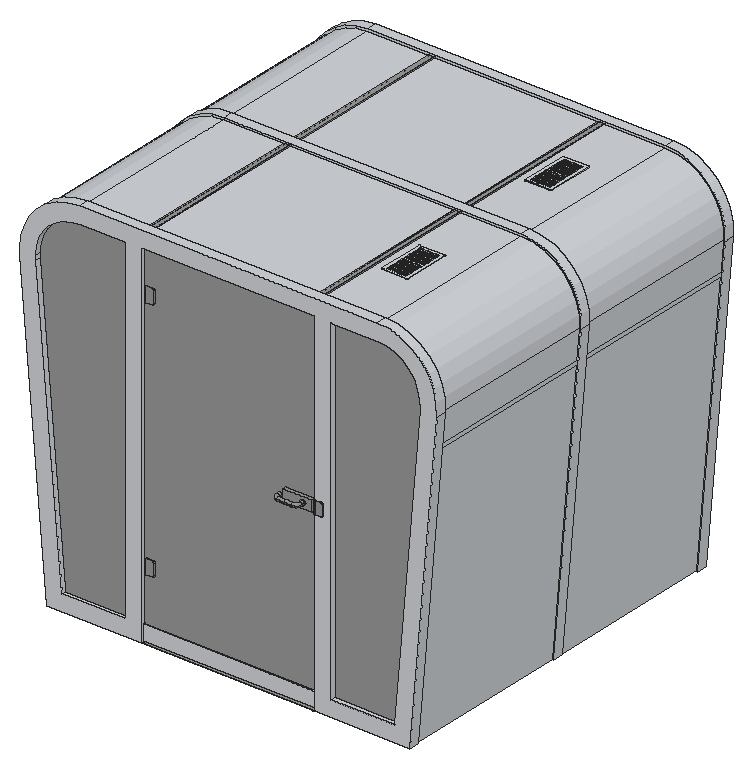
Revit family "Retreat 2.2 - Glass Back", category Generic Models, host Floor, Revit 2020
Family settings
  Host = Floor
  Can host rebar = No
  Round Connector Dimension = Use Diameter
  Part Type = Normal
  Always vertical = Yes
  Cut with Voids When Loaded = No
  Shared = No
  Room Calculation Point = No
Parameters
  Default Elevation = 0 mm
Reference planes
  plane 1 "Center (Front/Back)": y = 0
  plane 2: z = 0
  plane 3 "Center (Left/Right)": x = 3.294
Forms (mm)
  Extrusion 1, solid
    sketch origin (0, 0, 0) x (1, 0, 0) y (0, 0, 1)
      loop
        line (-994.283, 0) -> (-1135.633, 1615.634) -> (-1187.435, 1611.102) -> (-1046.482, 0) -> (-994.283, 0)
      loop
        line (-1136.069, 1620.615) -> (-1152.093, 1803.768)
        arc (-1152.093, 1803.768) -> (-1152.883, 1815.827) -> (-1153.147, 1827.91) r 277
        arc (-1153.147, 1827.91) -> (-1072.015, 2023.779) -> (-876.147, 2104.91) r 277
        line (-876.147, 2104.91) -> (-511.874, 2104.91) -> (-511.874, 2156.91) -> (-876.147, 2156.91)
        arc (-876.147, 2156.91) -> (-1108.785, 2060.548) -> (-1205.147, 1827.91) r 329
        arc (-1205.147, 1827.91) -> (-1204.834, 1813.559) -> (-1203.895, 1799.236) r 329
        line (-1203.895, 1799.236) -> (-1187.871, 1616.083) -> (-1136.069, 1620.615)
      loop
        line (-486.874, 2104.91) -> (488.126, 2104.91) -> (488.126, 2156.91) -> (-486.874, 2156.91) -> (-486.874, 2104.91)
      loop
        line (513.126, 2104.91) -> (877.399, 2104.91)
        arc (877.399, 2104.91) -> (1081.624, 2015.048) -> (1153.345, 1803.768) r 277
        line (1153.345, 1803.768) -> (1137.321, 1620.615) -> (1189.123, 1616.083) -> (1205.147, 1799.236)
        arc (1205.147, 1799.236) -> (1119.963, 2050.179) -> (877.399, 2156.91) r 329
        line (877.399, 2156.91) -> (513.126, 2156.91) -> (513.126, 2104.91)
      loop
        line (1136.885, 1615.634) -> (995.535, 0) -> (1047.734, 0) -> (1188.687, 1611.102) -> (1136.885, 1615.634)
    from -1030 to -30
  Extrusion 2, solid
    sketch origin (0, 0, 0) x (1, 0, 0) y (0, 0, 1)
      loop
        line (-985.249, 0) -> (-1126.667, 1616.419) -> (-1135.633, 1615.634) -> (-994.283, 0) -> (-985.249, 0)
      loop
        line (-1127.103, 1621.4) -> (-1143.127, 1804.552)
        arc (-1143.127, 1804.552) -> (-1143.892, 1816.22) -> (-1144.147, 1827.91) r 268
        arc (-1144.147, 1827.91) -> (-1065.651, 2017.415) -> (-876.147, 2095.91) r 268
        line (-876.147, 2095.91) -> (-511.874, 2095.91) -> (-511.874, 2104.91) -> (-876.147, 2104.91)
        arc (-876.147, 2104.91) -> (-1072.015, 2023.779) -> (-1153.147, 1827.91) r 277
        arc (-1153.147, 1827.91) -> (-1152.883, 1815.827) -> (-1152.093, 1803.768) r 277
        line (-1152.093, 1803.768) -> (-1136.069, 1620.615) -> (-1127.103, 1621.4)
      loop
        line (-486.874, 2095.91) -> (488.126, 2095.91) -> (488.126, 2104.91) -> (-486.874, 2104.91) -> (-486.874, 2095.91)
      loop
        line (513.126, 2095.91) -> (877.399, 2095.91)
        arc (877.399, 2095.91) -> (1074.989, 2008.968) -> (1144.379, 1804.552) r 268
        line (1144.379, 1804.552) -> (1128.355, 1621.4) -> (1137.321, 1620.615) -> (1153.345, 1803.768)
        arc (1153.345, 1803.768) -> (1081.624, 2015.048) -> (877.399, 2104.91) r 277
        line (877.399, 2104.91) -> (513.126, 2104.91) -> (513.126, 2095.91)
      loop
        line (1127.919, 1616.419) -> (986.501, 0) -> (995.535, 0) -> (1136.885, 1615.634) -> (1127.919, 1616.419)
    from -1030 to -30
  Extrusion 3, solid
    sketch origin (0, 0, 0) x (1, 0, 0) y (0, 0, 1)
      loop
        line (-1046.482, 0) -> (-1187.435, 1611.102) -> (-1196.401, 1610.318) -> (-1055.516, 0) -> (-1046.482, 0)
      loop
        line (-1187.871, 1616.083) -> (-1203.895, 1799.236)
        arc (-1203.895, 1799.236) -> (-1204.834, 1813.559) -> (-1205.147, 1827.91) r 329
        arc (-1205.147, 1827.91) -> (-1108.785, 2060.548) -> (-876.147, 2156.91) r 329
        line (-876.147, 2156.91) -> (-511.874, 2156.91) -> (-511.874, 2165.91) -> (-876.147, 2165.91)
        arc (-876.147, 2165.91) -> (-1115.149, 2066.912) -> (-1214.147, 1827.91) r 338
        arc (-1214.147, 1827.91) -> (-1213.825, 1813.167) -> (-1212.86, 1798.451) r 338
        line (-1212.86, 1798.451) -> (-1196.837, 1615.299) -> (-1187.871, 1616.083)
      loop
        line (-486.874, 2156.91) -> (488.126, 2156.91) -> (488.126, 2165.91) -> (-486.874, 2165.91) -> (-486.874, 2156.91)
      loop
        line (513.126, 2156.91) -> (877.399, 2156.91)
        arc (877.399, 2156.91) -> (1119.963, 2050.179) -> (1205.147, 1799.236) r 329
        line (1205.147, 1799.236) -> (1189.123, 1616.083) -> (1198.089, 1615.299) -> (1214.112, 1798.451)
        arc (1214.112, 1798.451) -> (1126.598, 2056.259) -> (877.399, 2165.91) r 338
        line (877.399, 2165.91) -> (513.126, 2165.91) -> (513.126, 2156.91)
      loop
        line (1188.687, 1611.102) -> (1047.734, 0) -> (1056.768, 0) -> (1197.653, 1610.318) -> (1188.687, 1611.102)
    from -1030 to -30
  Extrusion 4, solid
    sketch origin (0, 0, 0) x (1, 0, 0) y (0, 0, 1)
      loop
        line (-1055.516, 0) -> (-1196.401, 1610.318) -> (-1198.393, 1610.144) -> (-1057.524, 0) -> (-1055.516, 0)
      loop
        line (-1196.837, 1615.299) -> (-1212.86, 1798.451)
        arc (-1212.86, 1798.451) -> (-1213.825, 1813.167) -> (-1214.147, 1827.91) r 338
        arc (-1214.147, 1827.91) -> (-1115.149, 2066.912) -> (-876.147, 2165.91) r 338
        line (-876.147, 2165.91) -> (-511.874, 2165.91) -> (-511.874, 2167.91) -> (-876.147, 2167.91)
        arc (-876.147, 2167.91) -> (-1116.563, 2068.326) -> (-1216.147, 1827.91) r 340
        arc (-1216.147, 1827.91) -> (-1215.823, 1813.079) -> (-1214.853, 1798.277) r 340
        line (-1214.853, 1798.277) -> (-1198.829, 1615.125) -> (-1196.837, 1615.299)
      loop
        line (-486.874, 2165.91) -> (488.126, 2165.91) -> (488.126, 2167.91) -> (-486.874, 2167.91) -> (-486.874, 2165.91)
      loop
        line (513.126, 2167.91) -> (513.126, 2165.91) -> (877.399, 2165.91)
        arc (877.399, 2165.91) -> (1126.598, 2056.259) -> (1214.112, 1798.451) r 338
        line (1214.112, 1798.451) -> (1198.089, 1615.299) -> (1200.081, 1615.125) -> (1216.105, 1798.277)
        arc (1216.105, 1798.277) -> (1128.073, 2057.611) -> (877.399, 2167.91) r 340
        line (877.399, 2167.91) -> (513.126, 2167.91)
      loop
        line (1197.653, 1610.318) -> (1056.768, 0) -> (1058.776, 0) -> (1199.645, 1610.144) -> (1197.653, 1610.318)
    from -1030 to -30
  Extrusion 5, solid
    sketch origin (0, 0, 0) x (1, 0, 0) y (0, 0, 1)
      loop
        line (-510, 0) -> (-510, 2083) -> (510, 2083) -> (510, 0) -> (1068, 0) -> (1225.26, 1797.495)
        arc (1225.26, 1797.495) -> (1134.639, 2064.457) -> (876.592, 2178) r 350
        line (876.592, 2178) -> (-876.592, 2178)
        arc (-876.592, 2178) -> (-1124.08, 2075.487) -> (-1226.592, 1828) r 350
        arc (-1226.592, 1828) -> (-1226.259, 1812.733) -> (-1225.26, 1797.495) r 350
        line (-1225.26, 1797.495) -> (-1068, 0) -> (-510, 0)
      loop
        line (-605, 95) -> (-605, 2083) -> (-876.592, 2083)
        arc (-876.592, 2083) -> (-1056.905, 2008.312) -> (-1131.592, 1828) r 255
        arc (-1131.592, 1828) -> (-1131.35, 1816.877) -> (-1130.622, 1805.775) r 255
        line (-1130.622, 1805.775) -> (-980.949, 95) -> (-605, 95)
      loop
        line (605, 95) -> (980.949, 95) -> (1130.622, 1805.775)
        arc (1130.622, 1805.775) -> (1064.598, 2000.276) -> (876.592, 2083) r 255
        line (876.592, 2083) -> (605, 2083) -> (605, 95)
    from 1030 to 1090
  Extrusion 6, solid
    sketch origin (0, 0, 0) x (1, 0, 0) y (0, 0, 1)
      loop
        line (-488, 0) -> (-488, 2061) -> (488, 2061) -> (488, 0) -> (510, 0) -> (510, 2083) -> (-510, 2083) -> (-510, 0) -> (-488, 0)
    from 1030 to 1050
  Extrusion 7, solid
    sketch origin (0, 0, 0) x (1, 0, 0) y (0, 0, 1)
      loop
        line (-1068, 0) -> (1068, 0) -> (1225.26, 1797.495)
        arc (1225.26, 1797.495) -> (1134.639, 2064.457) -> (876.592, 2178) r 350
        line (876.592, 2178) -> (-876.592, 2178)
        arc (-876.592, 2178) -> (-1124.08, 2075.487) -> (-1226.592, 1828) r 350
        arc (-1226.592, 1828) -> (-1226.259, 1812.733) -> (-1225.26, 1797.495) r 350
        line (-1225.26, 1797.495) -> (-1068, 0)
      loop
        line (-980.949, 95) -> (-572.5, 95) -> (-572.5, 2083) -> (-876.592, 2083)
        arc (-876.592, 2083) -> (-1056.905, 2008.312) -> (-1131.592, 1828) r 255
        arc (-1131.592, 1828) -> (-1131.35, 1816.877) -> (-1130.622, 1805.775) r 255
        line (-1130.622, 1805.775) -> (-980.949, 95)
      loop
        line (-427.5, 95) -> (427.5, 95) -> (427.5, 2083) -> (-427.5, 2083) -> (-427.5, 95)
      loop
        line (572.5, 95) -> (980.949, 95) -> (1130.622, 1805.775)
        arc (1130.622, 1805.775) -> (1064.598, 2000.276) -> (876.592, 2083) r 255
        line (876.592, 2083) -> (572.5, 2083) -> (572.5, 95)
    from -1090 to -1030
  Extrusion 8, solid
    sketch origin (0, 0, 0) x (1, 0, 0) y (0, 0, 1)
      loop
        line (505, 98.5) -> (-505, 98.5) -> (-505, 10.5) -> (505, 10.5) -> (505, 98.5)
    from 1071.5 to 1080.5
  Extrusion 9, solid
    sketch origin (0, 0, 0) x (1, 0, 0) y (0, 0, 1)
      loop
        line (484, 98.5) -> (-484, 98.5) -> (-484, 10.5) -> (484, 10.5) -> (484, 98.5)
    from 1033.5 to 1063.5
  Extrusion 10, solid
    sketch origin (782.264, -533.1, 0) x (1, 0, 0) y (0, 1, 0)
      loop
        line (-66.5, 143) -> (-212.5, 143)
        arc (-212.5, 143) -> (-216.036, 141.536) -> (-217.5, 138) r 5
        line (-217.5, 138) -> (-217.5, -134.9)
        arc (-217.5, -134.9) -> (-216.036, -138.436) -> (-212.5, -139.9) r 5
        line (-212.5, -139.9) -> (-66.5, -139.9)
        arc (-66.5, -139.9) -> (-62.964, -138.436) -> (-61.5, -134.9) r 5
        line (-61.5, -134.9) -> (-61.5, 138)
        arc (-61.5, 138) -> (-62.964, 141.536) -> (-66.5, 143) r 5
      loop
        line (-196.5, -90) -> (-196.5, -120)
        arc (-196.5, -120) -> (-195.914, -121.414) -> (-194.5, -122) r 2
        arc (-194.5, -122) -> (-193.086, -121.414) -> (-192.5, -120) r 2
        line (-192.5, -120) -> (-192.5, -90)
        arc (-192.5, -90) -> (-194.5, -88) -> (-196.5, -90) r 2
      loop
        line (-185.5, -90) -> (-185.5, -120)
        arc (-185.5, -120) -> (-184.914, -121.414) -> (-183.5, -122) r 2
        arc (-183.5, -122) -> (-182.086, -121.414) -> (-181.5, -120) r 2
        line (-181.5, -120) -> (-181.5, -90)
        arc (-181.5, -90) -> (-183.5, -88) -> (-185.5, -90) r 2
      loop
        line (-174.5, -90) -> (-174.5, -120)
        arc (-174.5, -120) -> (-173.914, -121.414) -> (-172.5, -122) r 2
        arc (-172.5, -122) -> (-171.086, -121.414) -> (-170.5, -120) r 2
        line (-170.5, -120) -> (-170.5, -90)
        arc (-170.5, -90) -> (-172.5, -88) -> (-174.5, -90) r 2
      loop
        line (-163.5, -90) -> (-163.5, -120)
        arc (-163.5, -120) -> (-162.914, -121.414) -> (-161.5, -122) r 2
        arc (-161.5, -122) -> (-160.086, -121.414) -> (-159.5, -120) r 2
        line (-159.5, -120) -> (-159.5, -90)
        arc (-159.5, -90) -> (-161.5, -88) -> (-163.5, -90) r 2
      loop
        line (-152.5, -90) -> (-152.5, -120)
        arc (-152.5, -120) -> (-151.914, -121.414) -> (-150.5, -122) r 2
        arc (-150.5, -122) -> (-149.086, -121.414) -> (-148.5, -120) r 2
        line (-148.5, -120) -> (-148.5, -90)
        arc (-148.5, -90) -> (-150.5, -88) -> (-152.5, -90) r 2
      loop
        line (-141.5, -90) -> (-141.5, -120)
        arc (-141.5, -120) -> (-140.914, -121.414) -> (-139.5, -122) r 2
        arc (-139.5, -122) -> (-138.086, -121.414) -> (-137.5, -120) r 2
        line (-137.5, -120) -> (-137.5, -90)
        arc (-137.5, -90) -> (-139.5, -88) -> (-141.5, -90) r 2
      loop
        line (-130.5, -90) -> (-130.5, -120)
        arc (-130.5, -120) -> (-129.914, -121.414) -> (-128.5, -122) r 2
        arc (-128.5, -122) -> (-127.086, -121.414) -> (-126.5, -120) r 2
        line (-126.5, -120) -> (-126.5, -90)
        arc (-126.5, -90) -> (-128.5, -88) -> (-130.5, -90) r 2
      loop
        line (-119.5, -90) -> (-119.5, -120)
        arc (-119.5, -120) -> (-118.914, -121.414) -> (-117.5, -122) r 2
        arc (-117.5, -122) -> (-116.086, -121.414) -> (-115.5, -120) r 2
        line (-115.5, -120) -> (-115.5, -90)
        arc (-115.5, -90) -> (-117.5, -88) -> (-119.5, -90) r 2
      loop
        line (-108.5, -90) -> (-108.5, -120)
        arc (-108.5, -120) -> (-107.914, -121.414) -> (-106.5, -122) r 2
        arc (-106.5, -122) -> (-105.086, -121.414) -> (-104.5, -120) r 2
        line (-104.5, -120) -> (-104.5, -90)
        arc (-104.5, -90) -> (-106.5, -88) -> (-108.5, -90) r 2
      loop
        line (-97.5, -90) -> (-97.5, -120)
        arc (-97.5, -120) -> (-96.914, -121.414) -> (-95.5, -122) r 2
        arc (-95.5, -122) -> (-94.086, -121.414) -> (-93.5, -120) r 2
        line (-93.5, -120) -> (-93.5, -90)
        arc (-93.5, -90) -> (-95.5, -88) -> (-97.5, -90) r 2
      loop
        line (-86.5, -90) -> (-86.5, -120)
        arc (-86.5, -120) -> (-85.914, -121.414) -> (-84.5, -122) r 2
        arc (-84.5, -122) -> (-83.086, -121.414) -> (-82.5, -120) r 2
        line (-82.5, -120) -> (-82.5, -90)
        arc (-82.5, -90) -> (-84.5, -88) -> (-86.5, -90) r 2
      loop
        line (-82.5, -80) -> (-82.5, -50)
        arc (-82.5, -50) -> (-84.5, -48) -> (-86.5, -50) r 2
        line (-86.5, -50) -> (-86.5, -80)
        arc (-86.5, -80) -> (-85.914, -81.414) -> (-84.5, -82) r 2
        arc (-84.5, -82) -> (-83.086, -81.414) -> (-82.5, -80) r 2
      loop
        line (-93.5, -80) -> (-93.5, -50)
        arc (-93.5, -50) -> (-95.5, -48) -> (-97.5, -50) r 2
        line (-97.5, -50) -> (-97.5, -80)
        arc (-97.5, -80) -> (-96.914, -81.414) -> (-95.5, -82) r 2
        arc (-95.5, -82) -> (-94.086, -81.414) -> (-93.5, -80) r 2
      loop
        line (-104.5, -80) -> (-104.5, -50)
        arc (-104.5, -50) -> (-106.5, -48) -> (-108.5, -50) r 2
        line (-108.5, -50) -> (-108.5, -80)
        arc (-108.5, -80) -> (-107.914, -81.414) -> (-106.5, -82) r 2
        arc (-106.5, -82) -> (-105.086, -81.414) -> (-104.5, -80) r 2
      loop
        line (-115.5, -80) -> (-115.5, -50)
        arc (-115.5, -50) -> (-117.5, -48) -> (-119.5, -50) r 2
        line (-119.5, -50) -> (-119.5, -80)
        arc (-119.5, -80) -> (-118.914, -81.414) -> (-117.5, -82) r 2
        arc (-117.5, -82) -> (-116.086, -81.414) -> (-115.5, -80) r 2
      loop
        line (-126.5, -80) -> (-126.5, -50)
        arc (-126.5, -50) -> (-128.5, -48) -> (-130.5, -50) r 2
        line (-130.5, -50) -> (-130.5, -80)
        arc (-130.5, -80) -> (-129.914, -81.414) -> (-128.5, -82) r 2
        arc (-128.5, -82) -> (-127.086, -81.414) -> (-126.5, -80) r 2
      loop
        line (-137.5, -80) -> (-137.5, -50)
        arc (-137.5, -50) -> (-139.5, -48) -> (-141.5, -50) r 2
        line (-141.5, -50) -> (-141.5, -80)
        arc (-141.5, -80) -> (-140.914, -81.414) -> (-139.5, -82) r 2
        arc (-139.5, -82) -> (-138.086, -81.414) -> (-137.5, -80) r 2
      loop
        line (-148.5, -80) -> (-148.5, -50)
        arc (-148.5, -50) -> (-150.5, -48) -> (-152.5, -50) r 2
        line (-152.5, -50) -> (-152.5, -80)
        arc (-152.5, -80) -> (-151.914, -81.414) -> (-150.5, -82) r 2
        arc (-150.5, -82) -> (-149.086, -81.414) -> (-148.5, -80) r 2
      loop
        line (-159.5, -80) -> (-159.5, -50)
        arc (-159.5, -50) -> (-161.5, -48) -> (-163.5, -50) r 2
        line (-163.5, -50) -> (-163.5, -80)
        arc (-163.5, -80) -> (-162.914, -81.414) -> (-161.5, -82) r 2
        arc (-161.5, -82) -> (-160.086, -81.414) -> (-159.5, -80) r 2
      loop
        line (-170.5, -80) -> (-170.5, -50)
        arc (-170.5, -50) -> (-172.5, -48) -> (-174.5, -50) r 2
        line (-174.5, -50) -> (-174.5, -80)
        arc (-174.5, -80) -> (-173.914, -81.414) -> (-172.5, -82) r 2
        arc (-172.5, -82) -> (-171.086, -81.414) -> (-170.5, -80) r 2
      loop
        line (-181.5, -80) -> (-181.5, -50)
        arc (-181.5, -50) -> (-183.5, -48) -> (-185.5, -50) r 2
        line (-185.5, -50) -> (-185.5, -80)
        arc (-185.5, -80) -> (-184.914, -81.414) -> (-183.5, -82) r 2
        arc (-183.5, -82) -> (-182.086, -81.414) -> (-181.5, -80) r 2
      loop
        line (-192.5, -80) -> (-192.5, -50)
        arc (-192.5, -50) -> (-194.5, -48) -> (-196.5, -50) r 2
        line (-196.5, -50) -> (-196.5, -80)
        arc (-196.5, -80) -> (-195.914, -81.414) -> (-194.5, -82) r 2
        arc (-194.5, -82) -> (-193.086, -81.414) -> (-192.5, -80) r 2
      loop
        line (-196.5, -10) -> (-196.5, -40)
        arc (-196.5, -40) -> (-195.914, -41.414) -> (-194.5, -42) r 2
        arc (-194.5, -42) -> (-193.086, -41.414) -> (-192.5, -40) r 2
        line (-192.5, -40) -> (-192.5, -10)
        arc (-192.5, -10) -> (-194.5, -8) -> (-196.5, -10) r 2
      loop
        line (-185.5, -10) -> (-185.5, -40)
        arc (-185.5, -40) -> (-184.914, -41.414) -> (-183.5, -42) r 2
        arc (-183.5, -42) -> (-182.086, -41.414) -> (-181.5, -40) r 2
        line (-181.5, -40) -> (-181.5, -10)
        arc (-181.5, -10) -> (-183.5, -8) -> (-185.5, -10) r 2
      loop
        line (-174.5, -10) -> (-174.5, -40)
        arc (-174.5, -40) -> (-172.5, -42) -> (-170.5, -40) r 2
        line (-170.5, -40) -> (-170.5, -10)
        arc (-170.5, -10) -> (-172.5, -8) -> (-174.5, -10) r 2
      loop
        line (-163.5, -10) -> (-163.5, -40)
        arc (-163.5, -40) -> (-162.914, -41.414) -> (-161.5, -42) r 2
        arc (-161.5, -42) -> (-160.086, -41.414) -> (-159.5, -40) r 2
        line (-159.5, -40) -> (-159.5, -10)
        arc (-159.5, -10) -> (-161.5, -8) -> (-163.5, -10) r 2
      loop
        line (-152.5, -10) -> (-152.5, -40)
        arc (-152.5, -40) -> (-151.914, -41.414) -> (-150.5, -42) r 2
        arc (-150.5, -42) -> (-149.086, -41.414) -> (-148.5, -40) r 2
        line (-148.5, -40) -> (-148.5, -10)
        arc (-148.5, -10) -> (-150.5, -8) -> (-152.5, -10) r 2
      loop
        line (-141.5, -10) -> (-141.5, -40)
        arc (-141.5, -40) -> (-140.914, -41.414) -> (-139.5, -42) r 2
        arc (-139.5, -42) -> (-138.086, -41.414) -> (-137.5, -40) r 2
        line (-137.5, -40) -> (-137.5, -10)
        arc (-137.5, -10) -> (-139.5, -8) -> (-141.5, -10) r 2
      loop
        line (-130.5, -10) -> (-130.5, -40)
        arc (-130.5, -40) -> (-129.914, -41.414) -> (-128.5, -42) r 2
        arc (-128.5, -42) -> (-127.086, -41.414) -> (-126.5, -40) r 2
        line (-126.5, -40) -> (-126.5, -10)
        arc (-126.5, -10) -> (-128.5, -8) -> (-130.5, -10) r 2
      loop
        line (-119.5, -10) -> (-119.5, -40)
        arc (-119.5, -40) -> (-118.914, -41.414) -> (-117.5, -42) r 2
        arc (-117.5, -42) -> (-116.086, -41.414) -> (-115.5, -40) r 2
        line (-115.5, -40) -> (-115.5, -10)
        arc (-115.5, -10) -> (-117.5, -8) -> (-119.5, -10) r 2
      loop
        line (-108.5, -10) -> (-108.5, -40)
        arc (-108.5, -40) -> (-107.914, -41.414) -> (-106.5, -42) r 2
        arc (-106.5, -42) -> (-105.086, -41.414) -> (-104.5, -40) r 2
        line (-104.5, -40) -> (-104.5, -10)
        arc (-104.5, -10) -> (-106.5, -8) -> (-108.5, -10) r 2
      loop
        line (-97.5, -10) -> (-97.5, -40)
        arc (-97.5, -40) -> (-96.914, -41.414) -> (-95.5, -42) r 2
        arc (-95.5, -42) -> (-94.086, -41.414) -> (-93.5, -40) r 2
        line (-93.5, -40) -> (-93.5, -10)
        arc (-93.5, -10) -> (-95.5, -8) -> (-97.5, -10) r 2
      loop
        line (-86.5, -10) -> (-86.5, -40)
        arc (-86.5, -40) -> (-85.914, -41.414) -> (-84.5, -42) r 2
        arc (-84.5, -42) -> (-83.086, -41.414) -> (-82.5, -40) r 2
        line (-82.5, -40) -> (-82.5, -10)
        arc (-82.5, -10) -> (-84.5, -8) -> (-86.5, -10) r 2
      loop
        line (-82.5, 10) -> (-82.5, 40)
        arc (-82.5, 40) -> (-84.5, 42) -> (-86.5, 40) r 2
        line (-86.5, 40) -> (-86.5, 10)
        arc (-86.5, 10) -> (-85.914, 8.586) -> (-84.5, 8) r 2
        arc (-84.5, 8) -> (-83.086, 8.586) -> (-82.5, 10) r 2
      loop
        line (-93.5, 10) -> (-93.5, 40)
        arc (-93.5, 40) -> (-95.5, 42) -> (-97.5, 40) r 2
        line (-97.5, 40) -> (-97.5, 10)
        arc (-97.5, 10) -> (-96.914, 8.586) -> (-95.5, 8) r 2
        arc (-95.5, 8) -> (-94.086, 8.586) -> (-93.5, 10) r 2
      loop
        line (-104.5, 10) -> (-104.5, 40)
        arc (-104.5, 40) -> (-106.5, 42) -> (-108.5, 40) r 2
        line (-108.5, 40) -> (-108.5, 10)
        arc (-108.5, 10) -> (-107.914, 8.586) -> (-106.5, 8) r 2
        arc (-106.5, 8) -> (-105.086, 8.586) -> (-104.5, 10) r 2
      loop
        line (-115.5, 10) -> (-115.5, 40)
        arc (-115.5, 40) -> (-117.5, 42) -> (-119.5, 40) r 2
        line (-119.5, 40) -> (-119.5, 10)
        arc (-119.5, 10) -> (-118.914, 8.586) -> (-117.5, 8) r 2
        arc (-117.5, 8) -> (-116.086, 8.586) -> (-115.5, 10) r 2
      loop
        line (-130.5, 40) -> (-130.5, 10)
        arc (-130.5, 10) -> (-129.914, 8.586) -> (-128.5, 8) r 2
        arc (-128.5, 8) -> (-127.086, 8.586) -> (-126.5, 10) r 2
        line (-126.5, 10) -> (-126.5, 40)
        arc (-126.5, 40) -> (-128.5, 42) -> (-130.5, 40) r 2
      loop
        line (-137.5, 10) -> (-137.5, 40)
        arc (-137.5, 40) -> (-139.5, 42) -> (-141.5, 40) r 2
        line (-141.5, 40) -> (-141.5, 10)
        arc (-141.5, 10) -> (-140.914, 8.586) -> (-139.5, 8) r 2
        arc (-139.5, 8) -> (-138.086, 8.586) -> (-137.5, 10) r 2
      loop
        line (-148.5, 10) -> (-148.5, 40)
        arc (-148.5, 40) -> (-150.5, 42) -> (-152.5, 40) r 2
        line (-152.5, 40) -> (-152.5, 10)
        arc (-152.5, 10) -> (-151.914, 8.586) -> (-150.5, 8) r 2
        arc (-150.5, 8) -> (-149.086, 8.586) -> (-148.5, 10) r 2
      loop
        line (-159.5, 10) -> (-159.5, 40)
        arc (-159.5, 40) -> (-161.5, 42) -> (-163.5, 40) r 2
        line (-163.5, 40) -> (-163.5, 10)
        arc (-163.5, 10) -> (-162.914, 8.586) -> (-161.5, 8) r 2
        arc (-161.5, 8) -> (-160.086, 8.586) -> (-159.5, 10) r 2
      loop
        line (-170.5, 10) -> (-170.5, 40)
        arc (-170.5, 40) -> (-172.5, 42) -> (-174.5, 40) r 2
        line (-174.5, 40) -> (-174.5, 10)
        arc (-174.5, 10) -> (-173.914, 8.586) -> (-172.5, 8) r 2
        arc (-172.5, 8) -> (-171.086, 8.586) -> (-170.5, 10) r 2
      loop
        line (-181.5, 10) -> (-181.5, 40)
        arc (-181.5, 40) -> (-183.5, 42) -> (-185.5, 40) r 2
        line (-185.5, 40) -> (-185.5, 10)
        arc (-185.5, 10) -> (-184.914, 8.586) -> (-183.5, 8) r 2
        arc (-183.5, 8) -> (-182.086, 8.586) -> (-181.5, 10) r 2
      loop
        line (-192.5, 10) -> (-192.5, 40)
        arc (-192.5, 40) -> (-194.5, 42) -> (-196.5, 40) r 2
        line (-196.5, 40) -> (-196.5, 10)
        arc (-196.5, 10) -> (-195.914, 8.586) -> (-194.5, 8) r 2
        arc (-194.5, 8) -> (-193.086, 8.586) -> (-192.5, 10) r 2
      loop
        line (-196.5, 80) -> (-196.5, 50)
        arc (-196.5, 50) -> (-195.914, 48.586) -> (-194.5, 48) r 2
        arc (-194.5, 48) -> (-193.086, 48.586) -> (-192.5, 50) r 2
        line (-192.5, 50) -> (-192.5, 80)
        arc (-192.5, 80) -> (-194.5, 82) -> (-196.5, 80) r 2
      loop
        line (-185.5, 80) -> (-185.5, 50)
        arc (-185.5, 50) -> (-184.914, 48.586) -> (-183.5, 48) r 2
        arc (-183.5, 48) -> (-182.086, 48.586) -> (-181.5, 50) r 2
        line (-181.5, 50) -> (-181.5, 80)
        arc (-181.5, 80) -> (-183.5, 82) -> (-185.5, 80) r 2
      loop
        line (-174.5, 80) -> (-174.5, 50)
        arc (-174.5, 50) -> (-173.914, 48.586) -> (-172.5, 48) r 2
        arc (-172.5, 48) -> (-171.086, 48.586) -> (-170.5, 50) r 2
        line (-170.5, 50) -> (-170.5, 80)
        arc (-170.5, 80) -> (-172.5, 82) -> (-174.5, 80) r 2
      loop
        line (-163.5, 80) -> (-163.5, 50)
        arc (-163.5, 50) -> (-162.914, 48.586) -> (-161.5, 48) r 2
        arc (-161.5, 48) -> (-160.086, 48.586) -> (-159.5, 50) r 2
        line (-159.5, 50) -> (-159.5, 80)
        arc (-159.5, 80) -> (-161.5, 82) -> (-163.5, 80) r 2
      loop
        line (-152.5, 80) -> (-152.5, 50)
        arc (-152.5, 50) -> (-151.914, 48.586) -> (-150.5, 48) r 2
        arc (-150.5, 48) -> (-149.086, 48.586) -> (-148.5, 50) r 2
        line (-148.5, 50) -> (-148.5, 80)
        arc (-148.5, 80) -> (-150.5, 82) -> (-152.5, 80) r 2
      loop
        line (-141.5, 80) -> (-141.5, 50)
        arc (-141.5, 50) -> (-140.914, 48.586) -> (-139.5, 48) r 2
        arc (-139.5, 48) -> (-138.086, 48.586) -> (-137.5, 50) r 2
        line (-137.5, 50) -> (-137.5, 80)
        arc (-137.5, 80) -> (-139.5, 82) -> (-141.5, 80) r 2
      loop
        line (-130.5, 80) -> (-130.5, 50)
        arc (-130.5, 50) -> (-129.914, 48.586) -> (-128.5, 48) r 2
        arc (-128.5, 48) -> (-127.086, 48.586) -> (-126.5, 50) r 2
        line (-126.5, 50) -> (-126.5, 80)
        arc (-126.5, 80) -> (-128.5, 82) -> (-130.5, 80) r 2
      loop
        line (-119.5, 80) -> (-119.5, 50)
        arc (-119.5, 50) -> (-118.914, 48.586) -> (-117.5, 48) r 2
        arc (-117.5, 48) -> (-116.086, 48.586) -> (-115.5, 50) r 2
        line (-115.5, 50) -> (-115.5, 80)
        arc (-115.5, 80) -> (-117.5, 82) -> (-119.5, 80) r 2
      loop
        line (-108.5, 80) -> (-108.5, 50)
        arc (-108.5, 50) -> (-107.914, 48.586) -> (-106.5, 48) r 2
        arc (-106.5, 48) -> (-105.086, 48.586) -> (-104.5, 50) r 2
        line (-104.5, 50) -> (-104.5, 80)
        arc (-104.5, 80) -> (-106.5, 82) -> (-108.5, 80) r 2
      loop
        line (-97.5, 80) -> (-97.5, 50)
        arc (-97.5, 50) -> (-96.914, 48.586) -> (-95.5, 48) r 2
        arc (-95.5, 48) -> (-94.086, 48.586) -> (-93.5, 50) r 2
        line (-93.5, 50) -> (-93.5, 80)
        arc (-93.5, 80) -> (-95.5, 82) -> (-97.5, 80) r 2
      loop
        line (-86.5, 80) -> (-86.5, 50)
        arc (-86.5, 50) -> (-85.914, 48.586) -> (-84.5, 48) r 2
        arc (-84.5, 48) -> (-83.086, 48.586) -> (-82.5, 50) r 2
        line (-82.5, 50) -> (-82.5, 80)
        arc (-82.5, 80) -> (-84.5, 82) -> (-86.5, 80) r 2
      loop
        line (-82.5, 90) -> (-82.5, 120)
        arc (-82.5, 120) -> (-84.5, 122) -> (-86.5, 120) r 2
        line (-86.5, 120) -> (-86.5, 90)
        arc (-86.5, 90) -> (-85.914, 88.586) -> (-84.5, 88) r 2
        arc (-84.5, 88) -> (-83.086, 88.586) -> (-82.5, 90) r 2
      loop
        line (-93.5, 90) -> (-93.5, 120)
        arc (-93.5, 120) -> (-95.5, 122) -> (-97.5, 120) r 2
        line (-97.5, 120) -> (-97.5, 90)
        arc (-97.5, 90) -> (-96.914, 88.586) -> (-95.5, 88) r 2
        arc (-95.5, 88) -> (-94.086, 88.586) -> (-93.5, 90) r 2
      loop
        line (-104.5, 90) -> (-104.5, 120)
        arc (-104.5, 120) -> (-106.5, 122) -> (-108.5, 120) r 2
        line (-108.5, 120) -> (-108.5, 90)
        arc (-108.5, 90) -> (-107.914, 88.586) -> (-106.5, 88) r 2
        arc (-106.5, 88) -> (-105.086, 88.586) -> (-104.5, 90) r 2
      loop
        line (-115.5, 90) -> (-115.5, 120)
        arc (-115.5, 120) -> (-117.5, 122) -> (-119.5, 120) r 2
        line (-119.5, 120) -> (-119.5, 90)
        arc (-119.5, 90) -> (-118.914, 88.586) -> (-117.5, 88) r 2
        arc (-117.5, 88) -> (-116.086, 88.586) -> (-115.5, 90) r 2
      loop
        line (-126.5, 90) -> (-126.5, 120)
        arc (-126.5, 120) -> (-128.5, 122) -> (-130.5, 120) r 2
        line (-130.5, 120) -> (-130.5, 90)
        arc (-130.5, 90) -> (-129.914, 88.586) -> (-128.5, 88) r 2
        arc (-128.5, 88) -> (-127.086, 88.586) -> (-126.5, 90) r 2
      loop
        line (-137.5, 90) -> (-137.5, 120)
        arc (-137.5, 120) -> (-139.5, 122) -> (-141.5, 120) r 2
        line (-141.5, 120) -> (-141.5, 90)
        arc (-141.5, 90) -> (-140.914, 88.586) -> (-139.5, 88) r 2
        arc (-139.5, 88) -> (-138.086, 88.586) -> (-137.5, 90) r 2
      loop
        line (-148.5, 90) -> (-148.5, 120)
        arc (-148.5, 120) -> (-150.5, 122) -> (-152.5, 120) r 2
        line (-152.5, 120) -> (-152.5, 90)
        arc (-152.5, 90) -> (-151.914, 88.586) -> (-150.5, 88) r 2
        arc (-150.5, 88) -> (-149.086, 88.586) -> (-148.5, 90) r 2
      loop
        line (-159.5, 90) -> (-159.5, 120)
        arc (-159.5, 120) -> (-161.5, 122) -> (-163.5, 120) r 2
        line (-163.5, 120) -> (-163.5, 90)
        arc (-163.5, 90) -> (-162.914, 88.586) -> (-161.5, 88) r 2
        arc (-161.5, 88) -> (-160.086, 88.586) -> (-159.5, 90) r 2
      loop
        line (-170.5, 90) -> (-170.5, 120)
        arc (-170.5, 120) -> (-172.5, 122) -> (-174.5, 120) r 2
        line (-174.5, 120) -> (-174.5, 90)
        arc (-174.5, 90) -> (-173.914, 88.586) -> (-172.5, 88) r 2
        arc (-172.5, 88) -> (-171.086, 88.586) -> (-170.5, 90) r 2
      loop
        line (-181.5, 90) -> (-181.5, 120)
        arc (-181.5, 120) -> (-183.5, 122) -> (-185.5, 120) r 2
        line (-185.5, 120) -> (-185.5, 90)
        arc (-185.5, 90) -> (-184.914, 88.586) -> (-183.5, 88) r 2
        arc (-183.5, 88) -> (-182.086, 88.586) -> (-181.5, 90) r 2
      loop
        line (-192.5, 90) -> (-192.5, 120)
        arc (-192.5, 120) -> (-194.5, 122) -> (-196.5, 120) r 2
        line (-196.5, 120) -> (-196.5, 90)
        arc (-196.5, 90) -> (-195.914, 88.586) -> (-194.5, 88) r 2
        arc (-194.5, 88) -> (-193.086, 88.586) -> (-192.5, 90) r 2
    from 2167.91 to 2169.51
  Extrusion 11, solid
    sketch origin (1076.078, -530, 486.793) x (-0.087156, 0, 0.996195) y (0, 1, 0)
      loop
        line (-66.5, 143) -> (-212.5, 143)
        arc (-212.5, 143) -> (-216.036, 141.536) -> (-217.5, 138) r 5
        line (-217.5, 138) -> (-217.5, -138)
        arc (-217.5, -138) -> (-216.036, -141.536) -> (-212.5, -143) r 5
        line (-212.5, -143) -> (-66.5, -143)
        arc (-66.5, -143) -> (-62.964, -141.536) -> (-61.5, -138) r 5
        line (-61.5, -138) -> (-61.5, 138)
        arc (-61.5, 138) -> (-62.964, 141.536) -> (-66.5, 143) r 5
      loop
        line (-196.5, -90) -> (-196.5, -120)
        arc (-196.5, -120) -> (-195.914, -121.414) -> (-194.5, -122) r 2
        arc (-194.5, -122) -> (-193.086, -121.414) -> (-192.5, -120) r 2
        line (-192.5, -120) -> (-192.5, -90)
        arc (-192.5, -90) -> (-194.5, -88) -> (-196.5, -90) r 2
      loop
        line (-185.5, -90) -> (-185.5, -120)
        arc (-185.5, -120) -> (-184.914, -121.414) -> (-183.5, -122) r 2
        arc (-183.5, -122) -> (-182.086, -121.414) -> (-181.5, -120) r 2
        line (-181.5, -120) -> (-181.5, -90)
        arc (-181.5, -90) -> (-183.5, -88) -> (-185.5, -90) r 2
      loop
        line (-174.5, -90) -> (-174.5, -120)
        arc (-174.5, -120) -> (-173.914, -121.414) -> (-172.5, -122) r 2
        arc (-172.5, -122) -> (-171.086, -121.414) -> (-170.5, -120) r 2
        line (-170.5, -120) -> (-170.5, -90)
        arc (-170.5, -90) -> (-172.5, -88) -> (-174.5, -90) r 2
      loop
        line (-163.5, -90) -> (-163.5, -120)
        arc (-163.5, -120) -> (-162.914, -121.414) -> (-161.5, -122) r 2
        arc (-161.5, -122) -> (-160.086, -121.414) -> (-159.5, -120) r 2
        line (-159.5, -120) -> (-159.5, -90)
        arc (-159.5, -90) -> (-161.5, -88) -> (-163.5, -90) r 2
      loop
        line (-152.5, -90) -> (-152.5, -120)
        arc (-152.5, -120) -> (-151.914, -121.414) -> (-150.5, -122) r 2
        arc (-150.5, -122) -> (-149.086, -121.414) -> (-148.5, -120) r 2
        line (-148.5, -120) -> (-148.5, -90)
        arc (-148.5, -90) -> (-150.5, -88) -> (-152.5, -90) r 2
      loop
        line (-141.5, -90) -> (-141.5, -120)
        arc (-141.5, -120) -> (-140.914, -121.414) -> (-139.5, -122) r 2
        arc (-139.5, -122) -> (-138.086, -121.414) -> (-137.5, -120) r 2
        line (-137.5, -120) -> (-137.5, -90)
        arc (-137.5, -90) -> (-139.5, -88) -> (-141.5, -90) r 2
      loop
        line (-130.5, -90) -> (-130.5, -120)
        arc (-130.5, -120) -> (-129.914, -121.414) -> (-128.5, -122) r 2
        arc (-128.5, -122) -> (-127.086, -121.414) -> (-126.5, -120) r 2
        line (-126.5, -120) -> (-126.5, -90)
        arc (-126.5, -90) -> (-128.5, -88) -> (-130.5, -90) r 2
      loop
        line (-119.5, -90) -> (-119.5, -120)
        arc (-119.5, -120) -> (-118.914, -121.414) -> (-117.5, -122) r 2
        arc (-117.5, -122) -> (-116.086, -121.414) -> (-115.5, -120) r 2
        line (-115.5, -120) -> (-115.5, -90)
        arc (-115.5, -90) -> (-117.5, -88) -> (-119.5, -90) r 2
      loop
        line (-108.5, -90) -> (-108.5, -120)
        arc (-108.5, -120) -> (-107.914, -121.414) -> (-106.5, -122) r 2
        arc (-106.5, -122) -> (-105.086, -121.414) -> (-104.5, -120) r 2
        line (-104.5, -120) -> (-104.5, -90)
        arc (-104.5, -90) -> (-106.5, -88) -> (-108.5, -90) r 2
      loop
        line (-97.5, -90) -> (-97.5, -120)
        arc (-97.5, -120) -> (-96.914, -121.414) -> (-95.5, -122) r 2
        arc (-95.5, -122) -> (-94.086, -121.414) -> (-93.5, -120) r 2
        line (-93.5, -120) -> (-93.5, -90)
        arc (-93.5, -90) -> (-95.5, -88) -> (-97.5, -90) r 2
      loop
        line (-86.5, -90) -> (-86.5, -120)
        arc (-86.5, -120) -> (-85.914, -121.414) -> (-84.5, -122) r 2
        arc (-84.5, -122) -> (-83.086, -121.414) -> (-82.5, -120) r 2
        line (-82.5, -120) -> (-82.5, -90)
        arc (-82.5, -90) -> (-84.5, -88) -> (-86.5, -90) r 2
      loop
        line (-82.5, -80) -> (-82.5, -50)
        arc (-82.5, -50) -> (-84.5, -48) -> (-86.5, -50) r 2
        line (-86.5, -50) -> (-86.5, -80)
        arc (-86.5, -80) -> (-85.914, -81.414) -> (-84.5, -82) r 2
        arc (-84.5, -82) -> (-83.086, -81.414) -> (-82.5, -80) r 2
      loop
        line (-93.5, -80) -> (-93.5, -50)
        arc (-93.5, -50) -> (-95.5, -48) -> (-97.5, -50) r 2
        line (-97.5, -50) -> (-97.5, -80)
        arc (-97.5, -80) -> (-96.914, -81.414) -> (-95.5, -82) r 2
        arc (-95.5, -82) -> (-94.086, -81.414) -> (-93.5, -80) r 2
      loop
        line (-104.5, -80) -> (-104.5, -50)
        arc (-104.5, -50) -> (-106.5, -48) -> (-108.5, -50) r 2
        line (-108.5, -50) -> (-108.5, -80)
        arc (-108.5, -80) -> (-107.914, -81.414) -> (-106.5, -82) r 2
        arc (-106.5, -82) -> (-105.086, -81.414) -> (-104.5, -80) r 2
      loop
        line (-115.5, -80) -> (-115.5, -50)
        arc (-115.5, -50) -> (-117.5, -48) -> (-119.5, -50) r 2
        line (-119.5, -50) -> (-119.5, -80)
        arc (-119.5, -80) -> (-118.914, -81.414) -> (-117.5, -82) r 2
        arc (-117.5, -82) -> (-116.086, -81.414) -> (-115.5, -80) r 2
      loop
        line (-126.5, -80) -> (-126.5, -50)
        arc (-126.5, -50) -> (-128.5, -48) -> (-130.5, -50) r 2
        line (-130.5, -50) -> (-130.5, -80)
        arc (-130.5, -80) -> (-129.914, -81.414) -> (-128.5, -82) r 2
        arc (-128.5, -82) -> (-127.086, -81.414) -> (-126.5, -80) r 2
      loop
        line (-137.5, -80) -> (-137.5, -50)
        arc (-137.5, -50) -> (-139.5, -48) -> (-141.5, -50) r 2
        line (-141.5, -50) -> (-141.5, -80)
        arc (-141.5, -80) -> (-140.914, -81.414) -> (-139.5, -82) r 2
        arc (-139.5, -82) -> (-138.086, -81.414) -> (-137.5, -80) r 2
      loop
        line (-148.5, -80) -> (-148.5, -50)
        arc (-148.5, -50) -> (-150.5, -48) -> (-152.5, -50) r 2
        line (-152.5, -50) -> (-152.5, -80)
        arc (-152.5, -80) -> (-151.914, -81.414) -> (-150.5, -82) r 2
        arc (-150.5, -82) -> (-149.086, -81.414) -> (-148.5, -80) r 2
      loop
        line (-159.5, -80) -> (-159.5, -50)
        arc (-159.5, -50) -> (-161.5, -48) -> (-163.5, -50) r 2
        line (-163.5, -50) -> (-163.5, -80)
        arc (-163.5, -80) -> (-162.914, -81.414) -> (-161.5, -82) r 2
        arc (-161.5, -82) -> (-160.086, -81.414) -> (-159.5, -80) r 2
      loop
        line (-170.5, -80) -> (-170.5, -50)
        arc (-170.5, -50) -> (-172.5, -48) -> (-174.5, -50) r 2
        line (-174.5, -50) -> (-174.5, -80)
        arc (-174.5, -80) -> (-173.914, -81.414) -> (-172.5, -82) r 2
        arc (-172.5, -82) -> (-171.086, -81.414) -> (-170.5, -80) r 2
      loop
        line (-181.5, -80) -> (-181.5, -50)
        arc (-181.5, -50) -> (-183.5, -48) -> (-185.5, -50) r 2
        line (-185.5, -50) -> (-185.5, -80)
        arc (-185.5, -80) -> (-184.914, -81.414) -> (-183.5, -82) r 2
        arc (-183.5, -82) -> (-182.086, -81.414) -> (-181.5, -80) r 2
      loop
        line (-192.5, -80) -> (-192.5, -50)
        arc (-192.5, -50) -> (-194.5, -48) -> (-196.5, -50) r 2
        line (-196.5, -50) -> (-196.5, -80)
        arc (-196.5, -80) -> (-195.914, -81.414) -> (-194.5, -82) r 2
        arc (-194.5, -82) -> (-193.086, -81.414) -> (-192.5, -80) r 2
      loop
        line (-196.5, -10) -> (-196.5, -40)
        arc (-196.5, -40) -> (-195.914, -41.414) -> (-194.5, -42) r 2
        arc (-194.5, -42) -> (-193.086, -41.414) -> (-192.5, -40) r 2
        line (-192.5, -40) -> (-192.5, -10)
        arc (-192.5, -10) -> (-194.5, -8) -> (-196.5, -10) r 2
      loop
        line (-185.5, -10) -> (-185.5, -40)
        arc (-185.5, -40) -> (-184.914, -41.414) -> (-183.5, -42) r 2
        arc (-183.5, -42) -> (-182.086, -41.414) -> (-181.5, -40) r 2
        line (-181.5, -40) -> (-181.5, -10)
        arc (-181.5, -10) -> (-183.5, -8) -> (-185.5, -10) r 2
      loop
        line (-174.5, -10) -> (-174.5, -40)
        arc (-174.5, -40) -> (-172.5, -42) -> (-170.5, -40) r 2
        line (-170.5, -40) -> (-170.5, -10)
        arc (-170.5, -10) -> (-172.5, -8) -> (-174.5, -10) r 2
      loop
        line (-163.5, -10) -> (-163.5, -40)
        arc (-163.5, -40) -> (-162.914, -41.414) -> (-161.5, -42) r 2
        arc (-161.5, -42) -> (-160.086, -41.414) -> (-159.5, -40) r 2
        line (-159.5, -40) -> (-159.5, -10)
        arc (-159.5, -10) -> (-161.5, -8) -> (-163.5, -10) r 2
      loop
        line (-152.5, -10) -> (-152.5, -40)
        arc (-152.5, -40) -> (-151.914, -41.414) -> (-150.5, -42) r 2
        arc (-150.5, -42) -> (-149.086, -41.414) -> (-148.5, -40) r 2
        line (-148.5, -40) -> (-148.5, -10)
        arc (-148.5, -10) -> (-150.5, -8) -> (-152.5, -10) r 2
      loop
        line (-141.5, -10) -> (-141.5, -40)
        arc (-141.5, -40) -> (-140.914, -41.414) -> (-139.5, -42) r 2
        arc (-139.5, -42) -> (-138.086, -41.414) -> (-137.5, -40) r 2
        line (-137.5, -40) -> (-137.5, -10)
        arc (-137.5, -10) -> (-139.5, -8) -> (-141.5, -10) r 2
      loop
        line (-130.5, -10) -> (-130.5, -40)
        arc (-130.5, -40) -> (-129.914, -41.414) -> (-128.5, -42) r 2
        arc (-128.5, -42) -> (-127.086, -41.414) -> (-126.5, -40) r 2
        line (-126.5, -40) -> (-126.5, -10)
        arc (-126.5, -10) -> (-128.5, -8) -> (-130.5, -10) r 2
      loop
        line (-119.5, -10) -> (-119.5, -40)
        arc (-119.5, -40) -> (-118.914, -41.414) -> (-117.5, -42) r 2
        arc (-117.5, -42) -> (-116.086, -41.414) -> (-115.5, -40) r 2
        line (-115.5, -40) -> (-115.5, -10)
        arc (-115.5, -10) -> (-117.5, -8) -> (-119.5, -10) r 2
      loop
        line (-108.5, -10) -> (-108.5, -40)
        arc (-108.5, -40) -> (-107.914, -41.414) -> (-106.5, -42) r 2
        arc (-106.5, -42) -> (-105.086, -41.414) -> (-104.5, -40) r 2
        line (-104.5, -40) -> (-104.5, -10)
        arc (-104.5, -10) -> (-106.5, -8) -> (-108.5, -10) r 2
      loop
        line (-97.5, -10) -> (-97.5, -40)
        arc (-97.5, -40) -> (-96.914, -41.414) -> (-95.5, -42) r 2
        arc (-95.5, -42) -> (-94.086, -41.414) -> (-93.5, -40) r 2
        line (-93.5, -40) -> (-93.5, -10)
        arc (-93.5, -10) -> (-95.5, -8) -> (-97.5, -10) r 2
      loop
        line (-86.5, -10) -> (-86.5, -40)
        arc (-86.5, -40) -> (-85.914, -41.414) -> (-84.5, -42) r 2
        arc (-84.5, -42) -> (-83.086, -41.414) -> (-82.5, -40) r 2
        line (-82.5, -40) -> (-82.5, -10)
        arc (-82.5, -10) -> (-84.5, -8) -> (-86.5, -10) r 2
      loop
        line (-82.5, 10) -> (-82.5, 40)
        arc (-82.5, 40) -> (-84.5, 42) -> (-86.5, 40) r 2
        line (-86.5, 40) -> (-86.5, 10)
        arc (-86.5, 10) -> (-85.914, 8.586) -> (-84.5, 8) r 2
        arc (-84.5, 8) -> (-83.086, 8.586) -> (-82.5, 10) r 2
      loop
        line (-93.5, 10) -> (-93.5, 40)
        arc (-93.5, 40) -> (-95.5, 42) -> (-97.5, 40) r 2
        line (-97.5, 40) -> (-97.5, 10)
        arc (-97.5, 10) -> (-96.914, 8.586) -> (-95.5, 8) r 2
        arc (-95.5, 8) -> (-94.086, 8.586) -> (-93.5, 10) r 2
      loop
        line (-104.5, 10) -> (-104.5, 40)
        arc (-104.5, 40) -> (-106.5, 42) -> (-108.5, 40) r 2
        line (-108.5, 40) -> (-108.5, 10)
        arc (-108.5, 10) -> (-107.914, 8.586) -> (-106.5, 8) r 2
        arc (-106.5, 8) -> (-105.086, 8.586) -> (-104.5, 10) r 2
      loop
        line (-115.5, 10) -> (-115.5, 40)
        arc (-115.5, 40) -> (-117.5, 42) -> (-119.5, 40) r 2
        line (-119.5, 40) -> (-119.5, 10)
        arc (-119.5, 10) -> (-118.914, 8.586) -> (-117.5, 8) r 2
        arc (-117.5, 8) -> (-116.086, 8.586) -> (-115.5, 10) r 2
      loop
        line (-130.5, 40) -> (-130.5, 10)
        arc (-130.5, 10) -> (-129.914, 8.586) -> (-128.5, 8) r 2
        arc (-128.5, 8) -> (-127.086, 8.586) -> (-126.5, 10) r 2
        line (-126.5, 10) -> (-126.5, 40)
        arc (-126.5, 40) -> (-128.5, 42) -> (-130.5, 40) r 2
      loop
        line (-137.5, 10) -> (-137.5, 40)
        arc (-137.5, 40) -> (-139.5, 42) -> (-141.5, 40) r 2
        line (-141.5, 40) -> (-141.5, 10)
        arc (-141.5, 10) -> (-140.914, 8.586) -> (-139.5, 8) r 2
        arc (-139.5, 8) -> (-138.086, 8.586) -> (-137.5, 10) r 2
      loop
        line (-148.5, 10) -> (-148.5, 40)
        arc (-148.5, 40) -> (-150.5, 42) -> (-152.5, 40) r 2
        line (-152.5, 40) -> (-152.5, 10)
        arc (-152.5, 10) -> (-151.914, 8.586) -> (-150.5, 8) r 2
        arc (-150.5, 8) -> (-149.086, 8.586) -> (-148.5, 10) r 2
      loop
        line (-159.5, 10) -> (-159.5, 40)
        arc (-159.5, 40) -> (-161.5, 42) -> (-163.5, 40) r 2
        line (-163.5, 40) -> (-163.5, 10)
        arc (-163.5, 10) -> (-162.914, 8.586) -> (-161.5, 8) r 2
        arc (-161.5, 8) -> (-160.086, 8.586) -> (-159.5, 10) r 2
      loop
        line (-170.5, 10) -> (-170.5, 40)
        arc (-170.5, 40) -> (-172.5, 42) -> (-174.5, 40) r 2
        line (-174.5, 40) -> (-174.5, 10)
        arc (-174.5, 10) -> (-173.914, 8.586) -> (-172.5, 8) r 2
        arc (-172.5, 8) -> (-171.086, 8.586) -> (-170.5, 10) r 2
      loop
        line (-181.5, 10) -> (-181.5, 40)
        arc (-181.5, 40) -> (-183.5, 42) -> (-185.5, 40) r 2
        line (-185.5, 40) -> (-185.5, 10)
        arc (-185.5, 10) -> (-184.914, 8.586) -> (-183.5, 8) r 2
        arc (-183.5, 8) -> (-182.086, 8.586) -> (-181.5, 10) r 2
      loop
        line (-192.5, 10) -> (-192.5, 40)
        arc (-192.5, 40) -> (-194.5, 42) -> (-196.5, 40) r 2
        line (-196.5, 40) -> (-196.5, 10)
        arc (-196.5, 10) -> (-195.914, 8.586) -> (-194.5, 8) r 2
        arc (-194.5, 8) -> (-193.086, 8.586) -> (-192.5, 10) r 2
      loop
        line (-196.5, 80) -> (-196.5, 50)
        arc (-196.5, 50) -> (-195.914, 48.586) -> (-194.5, 48) r 2
        arc (-194.5, 48) -> (-193.086, 48.586) -> (-192.5, 50) r 2
        line (-192.5, 50) -> (-192.5, 80)
        arc (-192.5, 80) -> (-194.5, 82) -> (-196.5, 80) r 2
      loop
        line (-185.5, 80) -> (-185.5, 50)
        arc (-185.5, 50) -> (-184.914, 48.586) -> (-183.5, 48) r 2
        arc (-183.5, 48) -> (-182.086, 48.586) -> (-181.5, 50) r 2
        line (-181.5, 50) -> (-181.5, 80)
        arc (-181.5, 80) -> (-183.5, 82) -> (-185.5, 80) r 2
      loop
        line (-174.5, 80) -> (-174.5, 50)
        arc (-174.5, 50) -> (-173.914, 48.586) -> (-172.5, 48) r 2
        arc (-172.5, 48) -> (-171.086, 48.586) -> (-170.5, 50) r 2
        line (-170.5, 50) -> (-170.5, 80)
        arc (-170.5, 80) -> (-172.5, 82) -> (-174.5, 80) r 2
      loop
        line (-163.5, 80) -> (-163.5, 50)
        arc (-163.5, 50) -> (-162.914, 48.586) -> (-161.5, 48) r 2
        arc (-161.5, 48) -> (-160.086, 48.586) -> (-159.5, 50) r 2
        line (-159.5, 50) -> (-159.5, 80)
        arc (-159.5, 80) -> (-161.5, 82) -> (-163.5, 80) r 2
      loop
        line (-152.5, 80) -> (-152.5, 50)
        arc (-152.5, 50) -> (-151.914, 48.586) -> (-150.5, 48) r 2
        arc (-150.5, 48) -> (-149.086, 48.586) -> (-148.5, 50) r 2
        line (-148.5, 50) -> (-148.5, 80)
        arc (-148.5, 80) -> (-150.5, 82) -> (-152.5, 80) r 2
      loop
        line (-141.5, 80) -> (-141.5, 50)
        arc (-141.5, 50) -> (-140.914, 48.586) -> (-139.5, 48) r 2
        arc (-139.5, 48) -> (-138.086, 48.586) -> (-137.5, 50) r 2
        line (-137.5, 50) -> (-137.5, 80)
        arc (-137.5, 80) -> (-139.5, 82) -> (-141.5, 80) r 2
      loop
        line (-130.5, 80) -> (-130.5, 50)
        arc (-130.5, 50) -> (-129.914, 48.586) -> (-128.5, 48) r 2
        arc (-128.5, 48) -> (-127.086, 48.586) -> (-126.5, 50) r 2
        line (-126.5, 50) -> (-126.5, 80)
        arc (-126.5, 80) -> (-128.5, 82) -> (-130.5, 80) r 2
      loop
        line (-119.5, 80) -> (-119.5, 50)
        arc (-119.5, 50) -> (-118.914, 48.586) -> (-117.5, 48) r 2
        arc (-117.5, 48) -> (-116.086, 48.586) -> (-115.5, 50) r 2
        line (-115.5, 50) -> (-115.5, 80)
        arc (-115.5, 80) -> (-117.5, 82) -> (-119.5, 80) r 2
      loop
        line (-108.5, 80) -> (-108.5, 50)
        arc (-108.5, 50) -> (-107.914, 48.586) -> (-106.5, 48) r 2
        arc (-106.5, 48) -> (-105.086, 48.586) -> (-104.5, 50) r 2
        line (-104.5, 50) -> (-104.5, 80)
        arc (-104.5, 80) -> (-106.5, 82) -> (-108.5, 80) r 2
      loop
        line (-97.5, 80) -> (-97.5, 50)
        arc (-97.5, 50) -> (-96.914, 48.586) -> (-95.5, 48) r 2
        arc (-95.5, 48) -> (-94.086, 48.586) -> (-93.5, 50) r 2
        line (-93.5, 50) -> (-93.5, 80)
        arc (-93.5, 80) -> (-95.5, 82) -> (-97.5, 80) r 2
      loop
        line (-86.5, 80) -> (-86.5, 50)
        arc (-86.5, 50) -> (-85.914, 48.586) -> (-84.5, 48) r 2
        arc (-84.5, 48) -> (-83.086, 48.586) -> (-82.5, 50) r 2
        line (-82.5, 50) -> (-82.5, 80)
        arc (-82.5, 80) -> (-84.5, 82) -> (-86.5, 80) r 2
      loop
        line (-82.5, 90) -> (-82.5, 120)
        arc (-82.5, 120) -> (-84.5, 122) -> (-86.5, 120) r 2
        line (-86.5, 120) -> (-86.5, 90)
        arc (-86.5, 90) -> (-85.914, 88.586) -> (-84.5, 88) r 2
        arc (-84.5, 88) -> (-83.086, 88.586) -> (-82.5, 90) r 2
      loop
        line (-93.5, 90) -> (-93.5, 120)
        arc (-93.5, 120) -> (-95.5, 122) -> (-97.5, 120) r 2
        line (-97.5, 120) -> (-97.5, 90)
        arc (-97.5, 90) -> (-96.914, 88.586) -> (-95.5, 88) r 2
        arc (-95.5, 88) -> (-94.086, 88.586) -> (-93.5, 90) r 2
      loop
        line (-104.5, 90) -> (-104.5, 120)
        arc (-104.5, 120) -> (-106.5, 122) -> (-108.5, 120) r 2
        line (-108.5, 120) -> (-108.5, 90)
        arc (-108.5, 90) -> (-107.914, 88.586) -> (-106.5, 88) r 2
        arc (-106.5, 88) -> (-105.086, 88.586) -> (-104.5, 90) r 2
      loop
        line (-115.5, 90) -> (-115.5, 120)
        arc (-115.5, 120) -> (-117.5, 122) -> (-119.5, 120) r 2
        line (-119.5, 120) -> (-119.5, 90)
        arc (-119.5, 90) -> (-118.914, 88.586) -> (-117.5, 88) r 2
        arc (-117.5, 88) -> (-116.086, 88.586) -> (-115.5, 90) r 2
      loop
        line (-126.5, 90) -> (-126.5, 120)
        arc (-126.5, 120) -> (-128.5, 122) -> (-130.5, 120) r 2
        line (-130.5, 120) -> (-130.5, 90)
        arc (-130.5, 90) -> (-129.914, 88.586) -> (-128.5, 88) r 2
        arc (-128.5, 88) -> (-127.086, 88.586) -> (-126.5, 90) r 2
      loop
        line (-137.5, 90) -> (-137.5, 120)
        arc (-137.5, 120) -> (-139.5, 122) -> (-141.5, 120) r 2
        line (-141.5, 120) -> (-141.5, 90)
        arc (-141.5, 90) -> (-140.914, 88.586) -> (-139.5, 88) r 2
        arc (-139.5, 88) -> (-138.086, 88.586) -> (-137.5, 90) r 2
      loop
        line (-148.5, 90) -> (-148.5, 120)
        arc (-148.5, 120) -> (-150.5, 122) -> (-152.5, 120) r 2
        line (-152.5, 120) -> (-152.5, 90)
        arc (-152.5, 90) -> (-151.914, 88.586) -> (-150.5, 88) r 2
        arc (-150.5, 88) -> (-149.086, 88.586) -> (-148.5, 90) r 2
      loop
        line (-159.5, 90) -> (-159.5, 120)
        arc (-159.5, 120) -> (-161.5, 122) -> (-163.5, 120) r 2
        line (-163.5, 120) -> (-163.5, 90)
        arc (-163.5, 90) -> (-162.914, 88.586) -> (-161.5, 88) r 2
        arc (-161.5, 88) -> (-160.086, 88.586) -> (-159.5, 90) r 2
      loop
        line (-170.5, 90) -> (-170.5, 120)
        arc (-170.5, 120) -> (-172.5, 122) -> (-174.5, 120) r 2
        line (-174.5, 120) -> (-174.5, 90)
        arc (-174.5, 90) -> (-173.914, 88.586) -> (-172.5, 88) r 2
        arc (-172.5, 88) -> (-171.086, 88.586) -> (-170.5, 90) r 2
      loop
        line (-181.5, 90) -> (-181.5, 120)
        arc (-181.5, 120) -> (-183.5, 122) -> (-185.5, 120) r 2
        line (-185.5, 120) -> (-185.5, 90)
        arc (-185.5, 90) -> (-184.914, 88.586) -> (-183.5, 88) r 2
        arc (-183.5, 88) -> (-182.086, 88.586) -> (-181.5, 90) r 2
      loop
        line (-192.5, 90) -> (-192.5, 120)
        arc (-192.5, 120) -> (-194.5, 122) -> (-196.5, 120) r 2
        line (-196.5, 120) -> (-196.5, 90)
        arc (-196.5, 90) -> (-195.914, 88.586) -> (-194.5, 88) r 2
        arc (-194.5, 88) -> (-193.086, 88.586) -> (-192.5, 90) r 2
    from 2167.91 to 2169.51
  Extrusion 12, solid, material "Steel, Paint Finish, Dark Gray"
    sketch origin (550.634, 0, 644.333) x (1, 0, 0) y (0, 0, 1)
      loop
        line (-68.508, 1526.077) -> (-68.508, 1523.577) -> (-62.508, 1523.577) -> (-62.508, 1451.577) -> (-68.508, 1451.577) -> (-68.508, 1449.077) -> (-55.008, 1449.077) -> (-55.008, 1448.077) -> (-45.008, 1448.077) -> (-45.008, 1449.077) -> (-31.508, 1449.077) -> (-31.508, 1451.577) -> (-37.508, 1451.577) -> (-37.508, 1523.577) -> (-31.508, 1523.577) -> (-31.508, 1526.077) -> (-68.508, 1526.077)
    from -1030 to -30
  Extrusion 13, solid
    sketch origin (423.462, 0, 799.587) x (1, 0, 0) y (0, 0, 1)
      loop
        line (777.89, 801.373) -> (779.894, 824.285) -> (777.404, 824.503) -> (776.619, 815.538) -> (704.893, 821.813) -> (705.678, 830.779) -> (703.187, 830.996) -> (701.183, 808.084) -> (703.673, 807.866) -> (704.458, 816.832) -> (776.184, 810.557) -> (775.399, 801.591) -> (777.89, 801.373)
    from -1030 to -30
  Extrusion 14, solid
    sketch origin (-1750.307, 0, 683.394) x (0.984808, 0, 0.173648) y (-0.173648, 0, 0.984808)
      loop
        line (777.89, 801.373) -> (779.894, 824.285) -> (777.404, 824.503) -> (776.619, 815.538) -> (704.893, 821.813) -> (705.678, 830.779) -> (703.187, 830.996) -> (701.183, 808.084) -> (703.673, 807.866) -> (704.458, 816.832) -> (776.184, 810.557) -> (775.399, 801.591) -> (777.89, 801.373)
    from -1030 to -30
  Extrusion 15, solid, material "Steel, Paint Finish, Dark Gray"
    sketch origin (-449.366, 0, 644.333) x (1, 0, 0) y (0, 0, 1)
      loop
        line (-68.508, 1526.077) -> (-68.508, 1523.577) -> (-62.508, 1523.577) -> (-62.508, 1451.577) -> (-68.508, 1451.577) -> (-68.508, 1449.077) -> (-55.008, 1449.077) -> (-55.008, 1448.077) -> (-45.008, 1448.077) -> (-45.008, 1449.077) -> (-31.508, 1449.077) -> (-31.508, 1451.577) -> (-37.508, 1451.577) -> (-37.508, 1523.577) -> (-31.508, 1523.577) -> (-31.508, 1526.077) -> (-68.508, 1526.077)
    from -1030 to -30
  Extrusion 16, solid
    sketch origin (0, 0, 0) x (1, 0, 0) y (0, 0, 1)
      loop
        line (-488.5, 0) -> (488.5, 0) -> (488.5, 2095.91) -> (-488.5, 2095.91) -> (-488.5, 0)
    from -1079 to -1021
  Extrusion 17, solid
    sketch origin (0, 0, 0) x (1, 0, 0) y (0, 0, 1)
      loop
        line (488.5, 0) -> (488.5, 2095.91) -> (465.5, 2095.91) -> (465.5, 0) -> (488.5, 0)
      loop
        line (-488.5, 0) -> (-465.5, 0) -> (-465.5, 2095.91) -> (-488.5, 2095.91) -> (-488.5, 0)
    from -1021 to -1018.5
  Extrusion 18, solid, material "Glass, Clear Glazing"
    sketch origin (0, 0, 0) x (1, 0, 0) y (0, 0, 1)
      loop
        line (-980.949, 95) -> (-605, 95) -> (-605, 2083) -> (-876.592, 2083)
        arc (-876.592, 2083) -> (-1056.905, 2008.312) -> (-1131.592, 1828) r 255
        arc (-1131.592, 1828) -> (-1131.35, 1816.877) -> (-1130.622, 1805.775) r 255
        line (-1130.622, 1805.775) -> (-980.949, 95)
      loop
        line (605, 2083) -> (605, 95) -> (980.949, 95) -> (1130.622, 1805.775)
        arc (1130.622, 1805.775) -> (1064.598, 2000.276) -> (876.592, 2083) r 255
        line (876.592, 2083) -> (605, 2083)
    from 1056 to 1064
  Extrusion 19, solid, material "Glass, Clear Glazing"
    sketch origin (0, 0, 0) x (1, 0, 0) y (0, 0, 1)
      loop
        arc (-876.592, 2083) -> (-1056.905, 2008.312) -> (-1131.592, 1828) r 255
        arc (-1131.592, 1828) -> (-1131.35, 1816.877) -> (-1130.622, 1805.775) r 255
        line (-1130.622, 1805.775) -> (-980.949, 95) -> (-572.5, 95) -> (-572.5, 2083) -> (-876.592, 2083)
      loop
        line (980.949, 95) -> (1130.622, 1805.775)
        arc (1130.622, 1805.775) -> (1064.598, 2000.276) -> (876.592, 2083) r 255
        line (876.592, 2083) -> (572.5, 2083) -> (572.5, 95) -> (980.949, 95)
    from -1064 to -1056
  Extrusion 20, solid, material "Glass, Clear Glazing"
    sketch origin (0, 0, 0) x (1, 0, 0) y (0, 0, 1)
      loop
        line (-505, 2077) -> (-505, 10.5) -> (505, 10.5) -> (505, 2077) -> (-505, 2077)
    from 1063.5 to 1071.5
